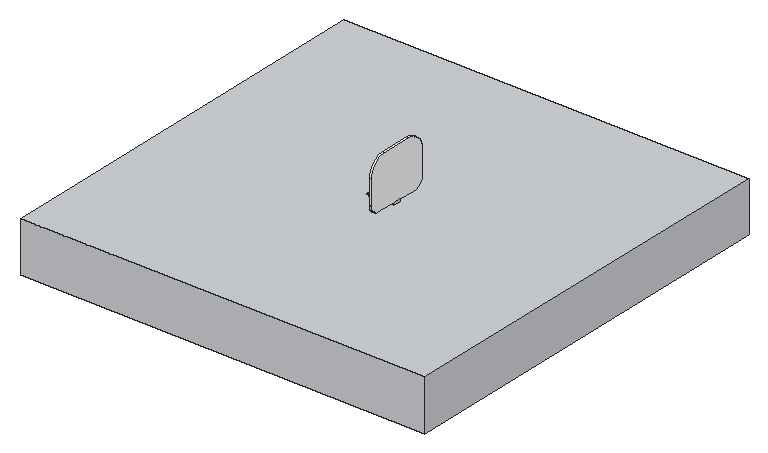
Revit family "Planet-Wattohm Accessoires Colonnes Logix Clippage direct", category Installations électriques, Revit 2020
Family settings
  Hôte = Face
  Conserver l'orientation des annotations = Non
  Cote de connecteur circulaire = Utiliser le diamètre
  Type d'élément = Normal
  Couper avec des vides une fois chargée = Non
  Partagée = Non
  Point de calcul de pièce = Non
Parameters (values of type "Tablette")
  Standard = "A clippage direct-ON"
  Modèle = "PW-32357"
  Matériau principal = "Corian"
  Finition = "Blanc"
  Fabricant = "PLANET WATTOHM"
  Elévation par défaut = 900 mm
  Description = "Support signalétique 150x150mm avec interface LOGIX"
  Accessoire = TABLES_45 : Tablette
Types (4, lengths in mm): name | Modèle | Matériau principal | Finition | Elévation par défaut | Description | Accessoire
  Support signalétique | "PW-32356" | "Mixte" | "Mixte" | 2000 | "Support écran 26-42 pouces / 66-107cm / VESA pour Colonnes LOGIX" | INFORMATIONS_PANEL_45 : 150x150mm
  Support écran 26 pouces | "PW-32354" | "Mixte" | "Mixte" | 1800 | "Pied pour Colonnettes Aluminium 1 et 2 compartiments LOGIX" | TV_SUPPORT_45 : 25-66cm
  Support écran 42 pouces | "PW-32355" | "Mixte" | "Mixte" | 1800 | "Support écran 10-26 pouces / 25-66cm / VESA pour Colonnes LOGIX" | TV_SUPPORT_45 : 66-107cm
  Tablette | "PW-32357" | "Corian" | "Blanc" | 900 | "Support signalétique 150x150mm avec interface LOGIX" | TABLES_45 : Tablette
Reference planes
  plane 1 "Centre (avant/arrière)": y = 0
  plane 2: z = 0
  plane 3 "Centre (gauche/droite)": x = 0
  plane 4: z = 15
  plane 5: y = 22.5
  plane 6: y = -22.5
Forms (mm)
  Extrusion 1, solid
    sketch origin (0, 0, 0) x (1, 0, 0) y (0, 1, 0)
      loop
        line (-1219.2, 1219.2) -> (-1219.2, -1219.2) -> (1219.2, -1219.2) -> (1219.2, 1219.2) -> (-1219.2, 1219.2)
    from 0 to -304.8
Dimensions and locks
  aligned and locked: plane 2 to Extrusion 1
  aligned and locked: level to Extrusion 1
  aligned and locked: nested 1 to plane 3 "Centre (gauche/droite)"
  aligned and locked: nested 1 to plane 1 "Centre (avant/arrière)"
Nested families
  nested 1: "TABLES_45" at (0, 0, 0) x (-1, 0, 0) z (0, 0, 1), type <- "Accessoire", type "Tablette"
    with Longueur CV 45 mm
Definition of nested family "TABLES_45"
  Parameters (values of type "Tablette Ref. 653183")
    Longueur CV = 80 mm
    Default Elevation = 1219.2 mm
  Types (3, lengths in mm): name | Longueur CV
    (no name) | 80
    Tablette Ref. 653083 | 45
    Tablette Ref. 653183 | 80
  Reference planes
    plane 1 "Centre (avant/arrière)": y = 0
    plane 2: z = 0
    plane 3 "Centre (gauche/droite)": x = 0
    plane 4: z = 15
    plane 5: x = -75
    plane 6: x = 75
    plane 7: y = 40
    plane 8: y = -40
    plane 9: x = -75
    plane 10: x = -63
    plane 11: y = 40
    plane 12: y = -40
    plane 13: y = -74.202
    plane 14: y = 74.202
    plane 15: y = 31.429
    plane 16: y = -31.429
  Forms (mm)
    Extrusion 1, solid
      sketch origin (0, 0, 0) x (1, 0, 0) y (0, 1, 0)
        loop
          line (-1219.2, 1219.2) -> (-1219.2, -1219.2) -> (1219.2, -1219.2) -> (1219.2, 1219.2) -> (-1219.2, 1219.2)
      from 0 to -304.8
    Extrusion 2, solid
      sketch origin (0, 0, 0) x (1, 0, 0) y (0, 1, 0)
        loop
          line (-75, 40) -> (-75, -40) -> (75, -40) -> (75, 40) -> (-75, 40)
      from 0 to 15
    Extrusion 3, solid
      sketch origin (0, 0, 0) x (0, 1, 0) y (0, 0, 1)
        loop
          arc (140, 15) -> (175.355, 29.645) -> (190, 65) r 50
          line (190, 65) -> (190, 215)
          arc (190, 215) -> (160.711, 285.711) -> (90, 315) r 100
          line (90, 315) -> (-90, 315)
          arc (-90, 315) -> (-160.711, 285.711) -> (-190, 215) r 100
          line (-190, 215) -> (-190, 65)
          arc (-190, 65) -> (-175.355, 29.645) -> (-140, 15) r 50
          line (-140, 15) -> (140, 15)
      from -75 to -63
    Extrusion 4, solid
      sketch origin (0, 2.718, 14.585) x (1, 0, 0) y (0, -0.34202, 0.939693)
        loop
          line (-63, 115) -> (-63, 15) -> (75, 15) -> (-63, 115)
      from 30.879 to 40
    Extrusion 5, solid
      sketch origin (0, -2.718, 14.585) x (1, 0, 0) y (0, -0.34202, -0.939693)
        loop
          line (-63, -115) -> (75, -15) -> (-63, -15) -> (-63, -115)
      from 30.879 to 40
  Dimensions and locks
    "Longueur CV": plane 8 to plane 7
    equal spacing: plane 8, plane 1 "Centre (avant/arrière)", plane 7
    plane 9 to plane 10 = 12 mm  (x2)
    Extrusion 3 to Extrusion 3 = 300 mm
    Extrusion 3 to Extrusion 3 = 380 mm
    locked: plane 15 to plane 11 at 8.571
    locked: plane 12 to plane 16 at 8.571
    aligned and locked: plane 2 to Extrusion 1
    aligned and locked: level to Extrusion 1
    aligned and locked: Extrusion 2 sketch curve to plane 8
    aligned and locked: plane 5 to Extrusion 2 sketch curve
    aligned and locked: plane 7 to Extrusion 2 sketch curve
    aligned and locked: Extrusion 2 sketch curve to plane 6
    aligned and locked: plane 15 to Extrusion 5
    aligned and locked: Extrusion 4 to plane 16
    aligned and locked: Extrusion 2 to plane 11
    aligned and locked: plane 12 to Extrusion 2
  Automatic sketch dimensions
    Extrusion 1 sketch curve to Extrusion 1 sketch curve = 2438.4 mm  (x2)
    plane 4 to Extrusion 3 sketch curve = 0 mm
    Extrusion 3 sketch curve to plane 4 = 50 mm  (x2)
    plane 1 "Centre (avant/arrière)" to Extrusion 3 sketch curve = 190 mm
    plane 1 "Centre (avant/arrière)" to Extrusion 3 sketch curve = 90 mm
    Extrusion 3 sketch curve to plane 1 "Centre (avant/arrière)" = 90 mm
    Extrusion 3 sketch curve to plane 1 "Centre (avant/arrière)" = 140 mm
    Extrusion 3 sketch curve to Extrusion 3 sketch curve = 150 mm
    Extrusion 4 sketch curve to plane 10 = 0 mm
    plane 3 "Centre (gauche/droite)" to Extrusion 4 sketch curve = 75 mm
    Extrusion 4 sketch curve to Extrusion 4 sketch curve = 100 mm
    Extrusion 5 sketch curve to plane 10 = 0 mm
    plane 3 "Centre (gauche/droite)" to Extrusion 5 sketch curve = 75 mm
    Extrusion 5 sketch curve to Extrusion 5 sketch curve = 100 mm
